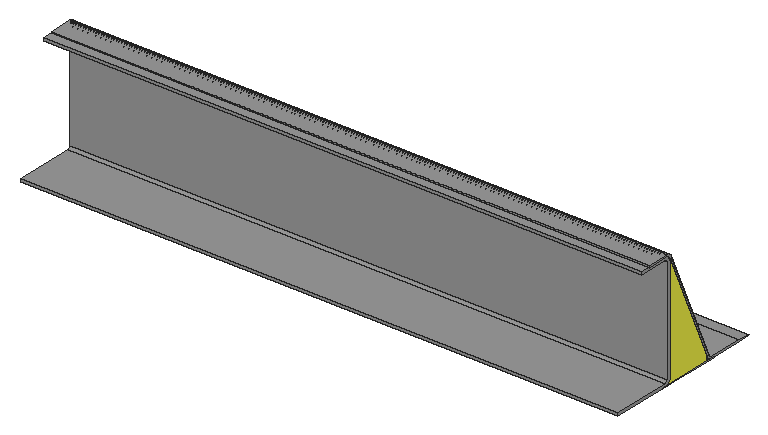
Revit family "XCFS K 110 WIL", category Generic Models, Revit 2014
Parameters (values of type "Max lintel length 3600mm")
  URL = "http://www.keystonelintels.co.uk"
  Structural Opening [instance] = 900 mm
  Structural Performance = "The Keystone lintel range has safe working loads as detailed in each applicable loading table in the Keystone Lintel Guide brochure. The structural performance figures within each table have been ascertained by testing in accordance with the requirements of standards BS EN 5977-2: 1983 and BS EN 845-2: 2003."
  RIBA Productor Selector = "available for Keystone Lintels Ltd from Keystone Lintels Ltd from ribaproductselector.com"
  Model = "XCFS/K 110 WIL"
  Min Length = 600 mm
  Min Clear Span = 300 mm
  Max Length = 3600 mm
  Max Clear Span = 3600 mm
  Material - Stainless Steel = "Grade 304 2b 1.4307 to BS EN 10088-2. Other grades available on request: contact manufacturer."
  Material - Galvanised Steel = "To BS EN 10346: 2009. DX51D plus Z600 or grade Z275 to BS 5977-2: 1983 (BS EN 845-2: 2003)."
  Manufacturer = "Keystone"
  Manufactured Length [instance] = (roundup(Effective Length / 150 mm) * 150 mm)  # 1200 mm
  Lintel height [instance] = 2100 mm
  Keynote = "F30/755"
  Fire Performance = "Keystone lintels have been subjected to a fire test (WARRES No. 101263) in accordance with BS 476-20: 1987, at Exova Warrington Fire and achieved a one hour fire performance."
  End Bearing = 150 mm
  Effective Length [instance] = Clear Opening with MIN MAX set + End Bearing * 2  # 1200 mm
  Corrosion = "Keystone’s standard range of lintels are manufactured from high quality grade pre-galvanized carbon steel with a zinc coating of 600"
  Contact Tel = "+44 (0)28 8676 2184"
  Contact Email = "info@keystonelintels.co.uk"
  Clear Opening with MIN MAX set [instance] = if(Structural Opening < Min Clear Span, Min Clear Span, (if(Structural Opening > Max Clear Span, Max Clear Span, Structural Opening)))  # 900 mm
  CPD Information = "Available for Keystone Lintels Ltd from ribacpd.com"
Reference planes
  plane 1 "Center (Front/Back)": y = 0
  plane 2: z = 0
  plane 3 "Center (Left/Right)": x = 0
  plane 4: x = -600
  plane 5: x = 600
  plane 6: z = 2100
  plane 7: x = -450
  plane 8: x = 450
Forms (mm)
  Extrusion 1, solid, material "Steel"
    sketch origin (0, 703.125, -493.091) x (0, 1, 0) y (0, 0, 1)
      loop
        line (-578.023, 2593.091) -> (-553.078, 2592.24) -> (-552.968, 2595.438) -> (-577.968, 2596.291) -> (-646.901, 2596.291)
        arc (-646.901, 2596.291) -> (-650.182, 2597.519) -> (-651.853, 2600.599) r 5
        line (-651.853, 2600.599) -> (-748.246, 2822.697)
        arc (-748.246, 2822.697) -> (-751.222, 2826.816) -> (-756.053, 2828.391) r 8.2
        line (-756.053, 2828.391) -> (-801.391, 2828.391) -> (-801.391, 2825.191) -> (-756.053, 2825.191)
        arc (-756.053, 2825.191) -> (-753.096, 2824.222) -> (-751.284, 2821.692) r 5
        line (-751.284, 2821.692) -> (-654.967, 2599.814)
        arc (-654.967, 2599.814) -> (-652.151, 2594.992) -> (-646.901, 2593.091) r 8.2
        line (-646.901, 2593.091) -> (-578.023, 2593.091)
    from -600 to 600
  Extrusion 2, solid, material "Steel"
    sketch origin (0, 703.125, -493.091) x (0, 1, 0) y (0, 0, 1)
      loop
        arc (-761.004, 2593.091) -> (-753.933, 2596.02) -> (-751.004, 2603.091) r 10
        line (-751.004, 2603.091) -> (-751.004, 2815.191)
        arc (-751.004, 2815.191) -> (-753.933, 2822.262) -> (-761.004, 2825.191) r 10
        line (-761.004, 2825.191) -> (-821.004, 2825.191) -> (-821.004, 2820.191) -> (-761.004, 2820.191)
        arc (-761.004, 2820.191) -> (-757.468, 2818.727) -> (-756.004, 2815.191) r 5
        line (-756.004, 2815.191) -> (-756.004, 2603.091)
        arc (-756.004, 2603.091) -> (-757.468, 2599.556) -> (-761.004, 2598.091) r 5
        line (-761.004, 2598.091) -> (-881.004, 2598.091) -> (-881.004, 2593.091) -> (-761.004, 2593.091)
    from -600 to 600
  Extrusion 3, solid, material "Steel"
    sketch origin (0, 703.125, -493.091) x (0, 1, 0) y (0, 0, 1)
      loop
        line (-639.504, 2592.091) -> (-639.504, 2593.091) -> (-656.504, 2593.091) -> (-656.504, 2601.091) -> (-657.504, 2601.091) -> (-657.504, 2593.091) -> (-769.504, 2593.091) -> (-769.504, 2592.091) -> (-639.504, 2592.091)
    from -600 to 600
  Extrusion 4, solid, material "Insulation"
    sketch origin (0, 703.125, -493.091) x (0, 1, 0) y (0, 0, 1)
      loop
        line (-656.504, 2593.091) -> (-646.901, 2593.091)
        arc (-646.901, 2593.091) -> (-652.151, 2594.992) -> (-654.967, 2599.814) r 8.2
        line (-654.967, 2599.814) -> (-751.284, 2821.692)
        arc (-751.284, 2821.692) -> (-753.096, 2824.222) -> (-756.053, 2825.191) r 5
        line (-756.053, 2825.191) -> (-761.004, 2825.191)
        arc (-761.004, 2825.191) -> (-753.933, 2822.262) -> (-751.004, 2815.191) r 10
        line (-751.004, 2815.191) -> (-751.004, 2603.091)
        arc (-751.004, 2603.091) -> (-753.933, 2596.02) -> (-761.004, 2593.091) r 10
        line (-761.004, 2593.091) -> (-657.504, 2593.091) -> (-657.504, 2601.091) -> (-656.504, 2601.091) -> (-656.504, 2593.091)
    from -600 to 600
  Extrusion 5, solid, not visible
    sketch origin (0, 953.124, 1196.055) x (0, 1, 0) y (0, 0, 1)
      loop
        line (-578.023, 993.091) -> (-553.078, 992.24) -> (-552.968, 995.438) -> (-577.968, 996.291) -> (-646.901, 996.291)
        arc (-646.901, 996.291) -> (-650.182, 997.519) -> (-651.853, 1000.599) r 5
        line (-651.853, 1000.599) -> (-748.246, 1222.697)
        arc (-748.246, 1222.697) -> (-751.222, 1226.816) -> (-756.053, 1228.391) r 8.2
        line (-756.053, 1228.391) -> (-801.391, 1228.391) -> (-801.391, 1225.191) -> (-756.053, 1225.191)
        arc (-756.053, 1225.191) -> (-753.096, 1224.222) -> (-751.284, 1221.692) r 5
        line (-751.284, 1221.692) -> (-654.967, 999.814)
        arc (-654.967, 999.814) -> (-652.151, 994.992) -> (-646.901, 993.091) r 8.2
        line (-646.901, 993.091) -> (-578.023, 993.091)
    from 0 to 250
  Extrusion 6, solid, not visible
    sketch origin (0, 638.343, 1250.354) x (0, 1, 0) y (0, 0, 1)
      loop
        arc (-761.004, 993.091) -> (-753.933, 996.02) -> (-751.004, 1003.091) r 10
        line (-751.004, 1003.091) -> (-751.004, 1215.191)
        arc (-751.004, 1215.191) -> (-753.933, 1222.262) -> (-761.004, 1225.191) r 10
        line (-761.004, 1225.191) -> (-821.004, 1225.191) -> (-821.004, 1220.191) -> (-761.004, 1220.191)
        arc (-761.004, 1220.191) -> (-757.468, 1218.727) -> (-756.004, 1215.191) r 5
        line (-756.004, 1215.191) -> (-756.004, 1003.091)
        arc (-756.004, 1003.091) -> (-757.468, 999.556) -> (-761.004, 998.091) r 5
        line (-761.004, 998.091) -> (-881.004, 998.091) -> (-881.004, 993.091) -> (-761.004, 993.091)
    from 0 to 250
  Extrusion 7, solid, not visible
    sketch origin (0, 933.788, 1009.331) x (0, 1, 0) y (0, 0, 1)
      loop
        line (-639.504, 992.091) -> (-639.504, 993.091) -> (-656.504, 993.091) -> (-656.504, 1001.091) -> (-657.504, 1001.091) -> (-657.504, 993.091) -> (-769.504, 993.091) -> (-769.504, 992.091) -> (-639.504, 992.091)
    from 0 to 250
  Extrusion 8, solid, not visible
    sketch origin (0, 524.762, 791.466) x (0, 1, 0) y (0, 0, 1)
      loop
        line (-656.504, 993.091) -> (-646.901, 993.091)
        arc (-646.901, 993.091) -> (-652.151, 994.992) -> (-654.967, 999.814) r 8.2
        line (-654.967, 999.814) -> (-751.284, 1221.692)
        arc (-751.284, 1221.692) -> (-753.096, 1224.222) -> (-756.053, 1225.191) r 5
        line (-756.053, 1225.191) -> (-761.004, 1225.191)
        arc (-761.004, 1225.191) -> (-753.933, 1222.262) -> (-751.004, 1215.191) r 10
        line (-751.004, 1215.191) -> (-751.004, 1003.091)
        arc (-751.004, 1003.091) -> (-753.933, 996.02) -> (-761.004, 993.091) r 10
        line (-761.004, 993.091) -> (-657.504, 993.091) -> (-657.504, 1001.091) -> (-656.504, 1001.091) -> (-656.504, 993.091)
    from 0 to 250
Dimensions and locks
  equal spacing: plane 4, plane 3 "Center (Left/Right)", plane 5
  "Manufactured Length": plane 4 to plane 5
  "Lintel height": plane 6 to level
  "Structural Opening": plane 7 to plane 8
  equal spacing: plane 7, plane 3 "Center (Left/Right)", plane 8
  aligned and locked: level to plane 2
  aligned and locked: Extrusion 1 to plane 6
  aligned and locked: Extrusion 4 to plane 6
  aligned and locked: Extrusion 2 to plane 6
  aligned and locked: plane 6 to Extrusion 3
  aligned and locked: plane 5 to Extrusion 3
  aligned and locked: Extrusion 3 to plane 4
  aligned and locked: plane 5 to Extrusion 4
  aligned and locked: Extrusion 4 to plane 4
  aligned and locked: plane 5 to Extrusion 1
  aligned and locked: Extrusion 1 to plane 4
  aligned and locked: plane 5 to Extrusion 2
  aligned and locked: Extrusion 2 to plane 4
Automatic sketch dimensions
  Extrusion 1 sketch curve to Extrusion 1 sketch curve = 68.878 mm
  Extrusion 1 sketch curve to Extrusion 1 sketch curve = 0.851 mm
  Extrusion 1 sketch curve to Extrusion 1 sketch curve = 0.055 mm
  Extrusion 1 sketch curve to Extrusion 1 sketch curve = 0 mm  (x8)
  Extrusion 1 sketch curve to Extrusion 1 sketch curve = 0.109 mm
  Extrusion 1 sketch curve to Extrusion 1 sketch curve = 3.198 mm
  Extrusion 1 sketch curve to Extrusion 1 sketch curve = 5 mm
  Extrusion 1 sketch curve to Extrusion 1 sketch curve = 8.066 mm
  Extrusion 1 sketch curve to Extrusion 1 sketch curve = 3.114 mm
  Extrusion 1 sketch curve to Extrusion 1 sketch curve = 93.279 mm
  Extrusion 1 sketch curve to Extrusion 1 sketch curve = 222.883 mm
  Extrusion 1 sketch curve to Extrusion 1 sketch curve = 3.038 mm
  Extrusion 1 sketch curve to Extrusion 1 sketch curve = 1.006 mm
  Extrusion 1 sketch curve to Extrusion 1 sketch curve = 4.77 mm
  Extrusion 1 sketch curve to Extrusion 1 sketch curve = 1.5 mm
  Extrusion 1 sketch curve to Extrusion 1 sketch curve = 45.337 mm
  Extrusion 2 sketch curve to Extrusion 2 sketch curve = 120 mm
  Extrusion 2 sketch curve to Extrusion 2 sketch curve = 5 mm  (x3)
  Extrusion 2 sketch curve to Extrusion 2 sketch curve = 212.1 mm
  Extrusion 2 sketch curve to Extrusion 2 sketch curve = 0 mm  (x8)
  Extrusion 2 sketch curve to Extrusion 2 sketch curve = 60 mm
  Extrusion 3 sketch curve to Extrusion 3 sketch curve = 130 mm
  Extrusion 3 sketch curve to Extrusion 3 sketch curve = 1 mm  (x2)
  Extrusion 3 sketch curve to Extrusion 3 sketch curve = 17 mm
  Extrusion 3 sketch curve to Extrusion 3 sketch curve = 8 mm
  Extrusion 3 sketch curve to Extrusion 3 sketch curve = 0 mm
  Extrusion 4 sketch curve to Extrusion 4 sketch curve = 8.066 mm
  Extrusion 4 sketch curve to Extrusion 4 sketch curve = 1.537 mm
  Extrusion 4 sketch curve to Extrusion 4 sketch curve = 0 mm  (x4)
  Extrusion 4 sketch curve to Extrusion 4 sketch curve = 1.477 mm
  Extrusion 4 sketch curve to Extrusion 4 sketch curve = 96.317 mm
  Extrusion 4 sketch curve to Extrusion 4 sketch curve = 221.878 mm
  Extrusion 4 sketch curve to Extrusion 4 sketch curve = 1.277 mm
  Extrusion 4 sketch curve to Extrusion 4 sketch curve = 1 mm
  Extrusion 4 sketch curve to Extrusion 4 sketch curve = 10 mm  (x2)
  Extrusion 4 sketch curve to Extrusion 4 sketch curve = 6.5 mm
  Extrusion 4 sketch curve to Extrusion 4 sketch curve = 4.77 mm
  Extrusion 4 sketch curve to Extrusion 4 sketch curve = 1.5 mm
  Extrusion 4 sketch curve to Extrusion 4 sketch curve = 4.951 mm
  Extrusion 4 sketch curve to Extrusion 4 sketch curve = 103.5 mm
  Extrusion 4 sketch curve to Extrusion 4 sketch curve = 6.723 mm
  Extrusion 5 sketch curve to Extrusion 5 sketch curve = 68.878 mm
  Extrusion 5 sketch curve to Extrusion 5 sketch curve = 0.851 mm
  Extrusion 5 sketch curve to Extrusion 5 sketch curve = 0.055 mm
  Extrusion 5 sketch curve to Extrusion 5 sketch curve = 0 mm  (x8)
  Extrusion 5 sketch curve to Extrusion 5 sketch curve = 0.109 mm
  Extrusion 5 sketch curve to Extrusion 5 sketch curve = 3.198 mm
  Extrusion 5 sketch curve to Extrusion 5 sketch curve = 5 mm
  Extrusion 5 sketch curve to Extrusion 5 sketch curve = 8.066 mm
  Extrusion 5 sketch curve to Extrusion 5 sketch curve = 3.114 mm
  Extrusion 5 sketch curve to Extrusion 5 sketch curve = 93.279 mm
  Extrusion 5 sketch curve to Extrusion 5 sketch curve = 222.883 mm
  Extrusion 5 sketch curve to Extrusion 5 sketch curve = 3.038 mm
  Extrusion 5 sketch curve to Extrusion 5 sketch curve = 1.006 mm
  Extrusion 5 sketch curve to Extrusion 5 sketch curve = 4.77 mm
  Extrusion 5 sketch curve to Extrusion 5 sketch curve = 1.5 mm
  Extrusion 5 sketch curve to Extrusion 5 sketch curve = 45.337 mm
  Extrusion 6 sketch curve to Extrusion 6 sketch curve = 120 mm
  Extrusion 6 sketch curve to Extrusion 6 sketch curve = 5 mm  (x3)
  Extrusion 6 sketch curve to Extrusion 6 sketch curve = 0 mm  (x8)
  Extrusion 6 sketch curve to Extrusion 6 sketch curve = 212.1 mm
  Extrusion 6 sketch curve to Extrusion 6 sketch curve = 60 mm
  Extrusion 7 sketch curve to Extrusion 7 sketch curve = 130 mm
  Extrusion 7 sketch curve to Extrusion 7 sketch curve = 1 mm  (x2)
  Extrusion 7 sketch curve to Extrusion 7 sketch curve = 17 mm
  Extrusion 7 sketch curve to Extrusion 7 sketch curve = 8 mm
  Extrusion 7 sketch curve to Extrusion 7 sketch curve = 0 mm
  Extrusion 8 sketch curve to Extrusion 8 sketch curve = 8.066 mm
  Extrusion 8 sketch curve to Extrusion 8 sketch curve = 1.537 mm
  Extrusion 8 sketch curve to Extrusion 8 sketch curve = 0 mm  (x4)
  Extrusion 8 sketch curve to Extrusion 8 sketch curve = 1.477 mm
  Extrusion 8 sketch curve to Extrusion 8 sketch curve = 96.317 mm
  Extrusion 8 sketch curve to Extrusion 8 sketch curve = 221.878 mm
  Extrusion 8 sketch curve to Extrusion 8 sketch curve = 1.277 mm
  Extrusion 8 sketch curve to Extrusion 8 sketch curve = 1 mm
  Extrusion 8 sketch curve to Extrusion 8 sketch curve = 10 mm  (x2)
  Extrusion 8 sketch curve to Extrusion 8 sketch curve = 6.5 mm
  Extrusion 8 sketch curve to Extrusion 8 sketch curve = 4.77 mm
  Extrusion 8 sketch curve to Extrusion 8 sketch curve = 1.5 mm
  Extrusion 8 sketch curve to Extrusion 8 sketch curve = 4.951 mm
  Extrusion 8 sketch curve to Extrusion 8 sketch curve = 103.5 mm
  Extrusion 8 sketch curve to Extrusion 8 sketch curve = 6.723 mm
  Extrusion 1 sketch curve to plane 6 = 0 mm
  plane 1 "Center (Front/Back)" to Extrusion 1 sketch curve = 98.265 mm
  Extrusion 4 sketch curve to plane 6 = 0 mm
  plane 1 "Center (Front/Back)" to Extrusion 4 sketch curve = 57.879 mm
  Extrusion 2 sketch curve to plane 6 = 0 mm
  plane 1 "Center (Front/Back)" to Extrusion 2 sketch curve = 177.879 mm
  Extrusion 3 sketch curve to plane 6 = 0 mm
  plane 1 "Center (Front/Back)" to Extrusion 3 sketch curve = 66.379 mm
